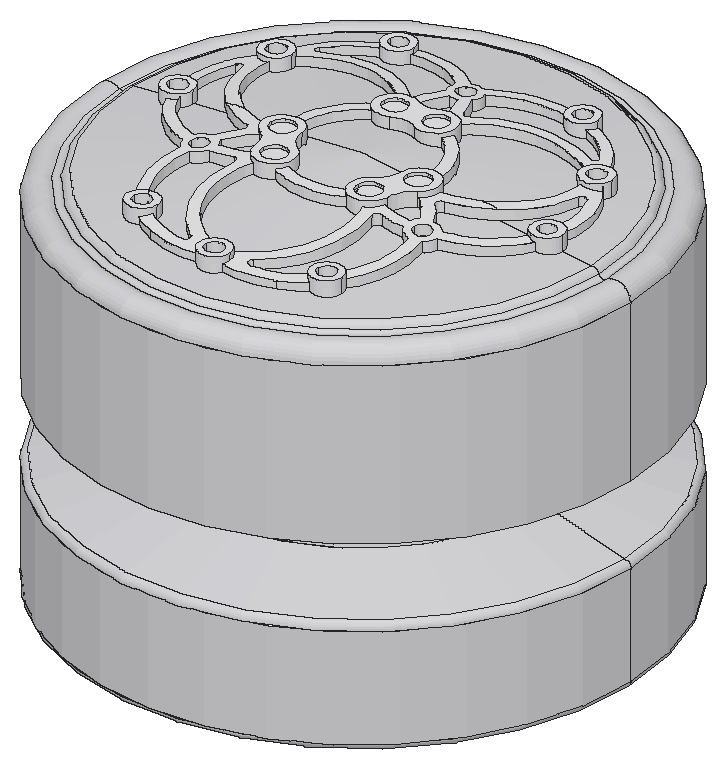
Revit family "Shower-Bodyspray-KOHLER-AWAKEN-K-97007T_1", category Plumbing Fixtures, host Face, Revit 2017
Family settings
  Host = Face
  Round Connector Dimension = Use Diameter
  Part Type = Normal
  OmniClass Number = 23.31.17.00
  Cut with Voids When Loaded = No
  Shared = No
  Room Calculation Point = No
Parameters (values of type "CP-Polished Chrome")
  Width = 1 31/32"  # constant formula
  WaterSense Certified = 1 = 0  # no
  Waste Water Outlet = "Waste Water Outlet"  # constant formula
  Waste Connection = 1 = 0  # no
  Vent Connection = 1 = 0  # no
  URL = "https://www.kohler.com.cn/"
  Type = 1
  Tempered Water Inlet = "Tempered Water Inlet"  # constant formula
  Product Page URL = ""
  Product Name = "AWAKEN"  # constant formula
  Product Documentation Link = ""
  Pressure = 0.00 psi
  Model = "K-97007T-CP"  # constant formula
  Material = "Premium Metal Construction"  # constant formula
  Master Format 2014 Name = "Residential Showers"  # constant formula
  Master Format 2014 = "22 42 23"  # constant formula
  Manufacturer Address = "Kohler Beijing Office (100016) 36-2-03-B, No. 88, Liuxiang Road, Beijing"  # constant formula
  Manufacturer = "KOHLER Co."  # constant formula
  Length = 1 31/32"  # constant formula
  Hot Water Inlet = "Hot Water Inlet"  # constant formula
  Height = 1 107/256"  # constant formula
  HW Connection = 1 = 1  # yes
  Flow Rate = 0 GPM
  Finish = Kohler-Metal-CP-Polished_Chrome
  Environmental Product Declaration = ""
  Drain Included = 1 = 0  # no
  Description = "Morning Rain Body Sprinkler"  # constant formula
  Default Elevation = 0"
  Declare Label = ""
  Date Modified = "10/14/2020"  # constant formula
  Date Created = "10/14/2020"  # constant formula
  Copyright = "Copyright KOHLER Co."  # constant formula
  Contact Us = "https://www.kohler.com.cn/contact/contact-us/"
  Cold Water Inlet = "Cold Water Inlet"  # constant formula
  CW Connection = 1 = 0  # no
  Assembly Code = "D2010700"
  ADA Compliant = 1 = 0  # no
Reference planes (in)
  plane 1 "Center (Front/Back)": y = 0
  plane 2: z = 0
  plane 3 "Center (Left/Right)": x = 0
  plane 4: y = 0.98425
  plane 5: x = -0.98425
  plane 6: x = 0.9845
  plane 7: y = -0.9845
  plane 8: z = 1.41797
  plane 9: z = 0.49293
  plane 10: z = 0.68129
Dimensions and locks (in)
  "Height": plane 8 to level
  "Length": plane 7 to plane 4
  "Width": plane 5 to plane 6
  aligned and locked: plane 2 to host face
  aligned and locked: level to host face
Automatic sketch dimensions
  host sketch curve to host sketch curve = 96"  (x2)
Nested families (in)
  nested 1: "K-97007T" at (0, 0, 0), type "K-97007T"
Connectors (in)
  piping at (0, 0, 0), diameter 0.5, driven by "Flow Rate", driven by "HW Connection", driven by "Tempered Water Inlet"
    settings: on nested 1, index 1, connector inside diameter 24", connector length 0", flow factor 0, pipe flow 0 GPM, pressure drop 0.00 psi, fitting loss kfactor 0, connector angle 0.00°, fixture units 0, engagement length 0", angle of deflection 0.00°, flow configuration 0, flow direction 1, fitting loss method 0, system type 19, joint type 0, gender type 0, connector reference index -1, connector utility 1, adjustable connector no, is connector primary yes, connector description "Tempered Water Inlet"
Definition of nested family "K-97007T"
  Parameters (values of type "K-97007T")
    Material = none
  Reference planes (in)
    plane 1 "Center (Front/Back)": y = 0
    plane 2: z = 0
    plane 3 "Center (Left/Right)": x = 0
    plane 4: y = 0.98425
    plane 5: x = 0.98425
    plane 6: y = -0.98425
    plane 7: x = -0.98425
    plane 8: z = 1.41732
    plane 9: z = -0.59055
    plane 10: through (0, 0.98873, 1.43743) normal (0, 0.9659, -0.2588)
    plane 11: through (0, -0.98873, 1.43743) normal (0, 0.9659, 0.2588)
  Forms (in)
    Revolve 1, solid, material <- "Material", detail levels medium+fine
      sketch origin (0, 0, -0.59055) x (1, 0, 0) y (0, 0, 1)
        loop
          line (0.00031, 0.59055) -> (0.00031, 2.00771)
          arc (0.00031, 2.00771) -> (-0.42233, 1.98906) -> (-0.8416, 1.93262) r 4.71733
          arc (-0.8416, 1.93262) -> (-0.85649, 1.92582) -> (-0.8663, 1.9127) r 0.03311
          arc (-0.8663, 1.9127) -> (-0.87822, 1.90207) -> (-0.89395, 1.90481) r 0.01835
          arc (-0.89395, 1.90481) -> (-0.95326, 1.9092) -> (-0.98425, 1.85845) r 0.05705
          line (-0.98425, 1.85845) -> (-0.98425, 1.27185) -> (-0.61142, 1.27185) -> (-0.61142, 1.08349) -> (-0.66932, 1.08349) -> (-0.96315, 1.01023)
          arc (-0.96315, 1.01023) -> (-0.97835, 1.00035) -> (-0.98425, 0.98321) r 0.02784
          line (-0.98425, 0.98321) -> (-0.98425, 0.61079)
          arc (-0.98425, 0.61079) -> (-0.97833, 0.59648) -> (-0.96402, 0.59055) r 0.02024
          line (-0.96402, 0.59055) -> (0.00031, 0.59055)
        axis (0.00031, 0.59055) -> (0.00031, 2.00771)
      angle from 0 to 360
    Extrusion 2, solid, detail levels medium+fine
      sketch origin (0, 0, 0) x (1, 0, 0) y (0, 1, 0)
        loop
          circle (0, -0.67985) r 0.05525
        loop
          circle (-0.33941, -0.58894) r 0.05512
        loop
          circle (-0.67884, 0) r 0.05512
        loop
          circle (0.33941, -0.58894) r 0.05512
        loop
          circle (0.67884, 0) r 0.05512
        loop
          circle (-0.33941, 0.58894) r 0.05512
        loop
          circle (0.33941, 0.58894) r 0.05512
        loop
          circle (-0.58865, 0.3397) r 0.05647
        loop
          circle (0.58865, 0.3397) r 0.05647
      from 1.16023 to 1.40407
    Extrusion 3, solid, detail levels medium+fine
      sketch origin (0, 0, 0) x (1, 0, 0) y (0, 1, 0)
        loop
          arc (-0.04555, 0.30561) -> (-0.14576, 0.24403) -> (-0.04577, 0.18211) r 0.0691
          arc (-0.04577, 0.18211) -> (0, 0.19291) -> (0.04577, 0.18211) r 0.10236
          arc (0.04577, 0.18211) -> (0.14576, 0.24403) -> (0.04555, 0.30561) r 0.0691
          arc (0.04555, 0.30561) -> (0, 0.29478) -> (-0.04555, 0.30561) r 0.10117
        loop
          arc (0.28901, -0.11229) -> (0.28578, 0.00528) -> (0.18216, -0.05035) r 0.0691
          arc (0.18216, -0.05035) -> (0.16863, -0.09538) -> (0.13639, -0.12962) r 0.10236
          arc (0.13639, -0.12962) -> (0.14003, -0.24718) -> (0.24346, -0.19118) r 0.0691
          arc (0.24346, -0.19118) -> (0.25685, -0.14632) -> (0.28901, -0.11229) r 0.10117
        loop
          arc (-0.28901, -0.11229) -> (-0.25685, -0.14632) -> (-0.24346, -0.19118) r 0.10117
          arc (-0.24346, -0.19118) -> (-0.14003, -0.24718) -> (-0.13639, -0.12962) r 0.0691
          arc (-0.13639, -0.12962) -> (-0.16863, -0.09538) -> (-0.18216, -0.05035) r 0.10236
          arc (-0.18216, -0.05035) -> (-0.28578, 0.00528) -> (-0.28901, -0.11229) r 0.0691
      from 1.16023 to 1.44001
    Extrusion 4, solid, detail levels medium+fine
      sketch origin (0, 0, 0) x (1, 0, 0) y (0, 1, 0)
        loop
          arc (-0.05609, 0.27259) -> (-0.04463, 0.34719) -> (-0.01555, 0.41683) r 0.31131
          arc (-0.01555, 0.41683) -> (0.00002, 0.41498) -> (0.01563, 0.41654) r 0.07207
          arc (0.01563, 0.41654) -> (0.0446, 0.347) -> (0.05601, 0.27253) r 0.31127
          arc (0.05601, 0.27253) -> (0.07641, 0.27908) -> (0.0968, 0.2725) r 0.03496
          arc (0.0968, 0.2725) -> (0.30947, 0.40678) -> (0.5528, 0.34314) r 0.31587
          arc (0.5528, 0.34314) -> (0.56646, 0.36807) -> (0.59394, 0.37533) r 0.03601
          arc (0.59394, 0.37533) -> (0.5262, 0.49504) -> (0.41633, 0.57781) r 0.33767
          arc (0.41633, 0.57781) -> (0.3954, 0.58789) -> (0.37384, 0.59654) r 0.34427
          arc (0.37384, 0.59654) -> (0.37167, 0.57472) -> (0.35702, 0.5584) r 0.03525
          arc (0.35702, 0.5584) -> (0.4489, 0.51281) -> (0.51991, 0.43879) r 0.2983
          arc (0.51991, 0.43879) -> (0.51905, 0.42325) -> (0.50387, 0.41982) r 0.01291
          arc (0.50387, 0.41982) -> (0.29727, 0.44645) -> (0.1111, 0.353) r 0.35625
          arc (0.1111, 0.353) -> (0.09414, 0.34868) -> (0.08164, 0.36093) r 0.01785
          arc (0.08164, 0.36093) -> (0.0667, 0.40238) -> (0.04668, 0.44162) r 0.35068
          arc (0.04668, 0.44162) -> (0.05695, 0.46945) -> (0.05168, 0.49864) r 0.05643
          arc (0.05168, 0.49864) -> (0.17324, 0.56358) -> (0.31097, 0.56811) r 0.30371
          arc (0.31097, 0.56811) -> (0.30421, 0.59067) -> (0.31315, 0.61246) r 0.03525
          arc (0.31315, 0.61246) -> (0.15822, 0.60283) -> (0.02327, 0.52611) r 0.34427
          arc (0.02327, 0.52611) -> (0.00012, 0.53081) -> (-0.02293, 0.52561) r 0.05643
          arc (-0.02293, 0.52561) -> (-0.1579, 0.60261) -> (-0.31299, 0.61241) r 0.34423
          arc (-0.31299, 0.61241) -> (-0.30427, 0.59274) -> (-0.30859, 0.57166) r 0.03535
          arc (-0.30859, 0.57166) -> (-0.1716, 0.56266) -> (-0.05063, 0.49773) r 0.32394
          arc (-0.05063, 0.49773) -> (-0.05549, 0.46964) -> (-0.046, 0.44276) r 0.05643
          arc (-0.046, 0.44276) -> (-0.0722, 0.38893) -> (-0.08886, 0.33142) r 0.35068
          arc (-0.08886, 0.33142) -> (-0.27974, 0.44217) -> (-0.49942, 0.42121) r 0.36124
          arc (-0.49942, 0.42121) -> (-0.5187, 0.42595) -> (-0.51942, 0.44578) r 0.01647
          arc (-0.51942, 0.44578) -> (-0.44995, 0.51665) -> (-0.36122, 0.56113) r 0.30148
          arc (-0.36122, 0.56113) -> (-0.37302, 0.57799) -> (-0.37342, 0.59856) r 0.03534
          arc (-0.37342, 0.59856) -> (-0.51286, 0.51455) -> (-0.59743, 0.37545) r 0.34085
          arc (-0.59743, 0.37545) -> (-0.56811, 0.37026) -> (-0.55222, 0.34508) r 0.03682
          arc (-0.55222, 0.34508) -> (-0.30793, 0.40737) -> (-0.09368, 0.27451) r 0.32189
          arc (-0.09368, 0.27451) -> (-0.0746, 0.27904) -> (-0.05609, 0.27259) r 0.03496
        loop
          arc (-0.26323, -0.0872) -> (-0.27886, -0.07411) -> (-0.28459, -0.05455) r 0.03512
          arc (-0.28459, -0.05455) -> (-0.50621, 0.06397) -> (-0.57449, 0.30584) r 0.32096
          arc (-0.57449, 0.30584) -> (-0.60334, 0.30621) -> (-0.62307, 0.32727) r 0.03682
          arc (-0.62307, 0.32727) -> (-0.69966, 0.18734) -> (-0.7037, 0.02787) r 0.3387
          arc (-0.7037, 0.02787) -> (-0.68531, 0.03681) -> (-0.66497, 0.03472) r 0.03736
          arc (-0.66497, 0.03472) -> (-0.67051, 0.12902) -> (-0.64639, 0.22036) r 0.29932
          arc (-0.64639, 0.22036) -> (-0.62828, 0.23041) -> (-0.61368, 0.21572) r 0.01716
          arc (-0.61368, 0.21572) -> (-0.53092, 0.0304) -> (-0.36126, -0.08102) r 0.3611
          arc (-0.36126, -0.08102) -> (-0.34935, -0.09342) -> (-0.35366, -0.11007) r 0.01764
          arc (-0.35366, -0.11007) -> (-0.38264, -0.14459) -> (-0.40696, -0.18254) r 0.35078
          arc (-0.40696, -0.18254) -> (-0.43408, -0.18816) -> (-0.45495, -0.20637) r 0.05462
          arc (-0.45495, -0.20637) -> (-0.57344, -0.13738) -> (-0.64975, -0.02347) r 0.3051
          arc (-0.64975, -0.02347) -> (-0.66648, -0.03527) -> (-0.68692, -0.03649) r 0.03738
          arc (-0.68692, -0.03649) -> (-0.59972, -0.16671) -> (-0.46386, -0.24481) r 0.34447
          arc (-0.46386, -0.24481) -> (-0.457, -0.26455) -> (-0.44323, -0.28026) r 0.05462
          arc (-0.44323, -0.28026) -> (-0.44397, -0.43863) -> (-0.3743, -0.58084) r 0.34716
          arc (-0.3743, -0.58084) -> (-0.36405, -0.56295) -> (-0.34563, -0.55368) r 0.03581
          arc (-0.34563, -0.55368) -> (-0.40567, -0.42948) -> (-0.40543, -0.29152) r 0.30779
          arc (-0.40543, -0.29152) -> (-0.37827, -0.28169) -> (-0.35993, -0.25937) r 0.05462
          arc (-0.35993, -0.25937) -> (-0.31597, -0.25968) -> (-0.2725, -0.25312) r 0.28059
          arc (-0.2725, -0.25312) -> (-0.25668, -0.25774) -> (-0.25242, -0.27367) r 0.01681
          arc (-0.25242, -0.27367) -> (-0.24152, -0.48151) -> (-0.11396, -0.64597) r 0.34801
          arc (-0.11396, -0.64597) -> (-0.10885, -0.66198) -> (-0.12299, -0.67107) r 0.01381
          arc (-0.12299, -0.67107) -> (-0.17091, -0.66322) -> (-0.217, -0.64795) r 0.30856
          arc (-0.217, -0.64795) -> (-0.26281, -0.62563) -> (-0.30432, -0.59606) r 0.30779
          arc (-0.30432, -0.59606) -> (-0.31406, -0.61423) -> (-0.33221, -0.62402) r 0.03581
          arc (-0.33221, -0.62402) -> (-0.28455, -0.6585) -> (-0.23177, -0.68445) r 0.34716
          arc (-0.23177, -0.68445) -> (-0.13121, -0.70985) -> (-0.02763, -0.70449) r 0.34793
          arc (-0.02763, -0.70449) -> (-0.03681, -0.6759) -> (-0.02179, -0.64991) r 0.03702
          arc (-0.02179, -0.64991) -> (-0.2019, -0.47485) -> (-0.19223, -0.22387) r 0.30864
          arc (-0.19223, -0.22387) -> (-0.20827, -0.20921) -> (-0.21441, -0.18837) r 0.04046
          arc (-0.21441, -0.18837) -> (-0.28074, -0.21482) -> (-0.3519, -0.2207) r 0.2413
          arc (-0.3519, -0.2207) -> (-0.35903, -0.20669) -> (-0.36805, -0.19381) r 0.11237
          arc (-0.36805, -0.19381) -> (-0.32213, -0.13412) -> (-0.26323, -0.0872) r 0.31142
        loop
          arc (0.26245, -0.08688) -> (0.32208, -0.13426) -> (0.36843, -0.1947) r 0.31136
          arc (0.36843, -0.1947) -> (0.35897, -0.20767) -> (0.35143, -0.22183) r 0.11422
          arc (0.35143, -0.22183) -> (0.27922, -0.21556) -> (0.21202, -0.18839) r 0.2445
          arc (0.21202, -0.18839) -> (0.2056, -0.20732) -> (0.19049, -0.22039) r 0.03807
          arc (0.19049, -0.22039) -> (0.20262, -0.47304) -> (0.02179, -0.64991) r 0.30864
          arc (0.02179, -0.64991) -> (0.03681, -0.6759) -> (0.02763, -0.70449) r 0.03702
          arc (0.02763, -0.70449) -> (0.13121, -0.70985) -> (0.23177, -0.68445) r 0.34793
          arc (0.23177, -0.68445) -> (0.28457, -0.65849) -> (0.33224, -0.62399) r 0.34716
          arc (0.33224, -0.62399) -> (0.31409, -0.61421) -> (0.30435, -0.59604) r 0.03578
          arc (0.30435, -0.59604) -> (0.26283, -0.62562) -> (0.217, -0.64795) r 0.30779
          arc (0.217, -0.64795) -> (0.17091, -0.66322) -> (0.12299, -0.67107) r 0.30856
          arc (0.12299, -0.67107) -> (0.10885, -0.66198) -> (0.11396, -0.64597) r 0.01381
          arc (0.11396, -0.64597) -> (0.24152, -0.48151) -> (0.25242, -0.27367) r 0.34801
          arc (0.25242, -0.27367) -> (0.25668, -0.25774) -> (0.2725, -0.25312) r 0.01681
          arc (0.2725, -0.25312) -> (0.31537, -0.25964) -> (0.35872, -0.25947) r 0.28059
          arc (0.35872, -0.25947) -> (0.37753, -0.28331) -> (0.40598, -0.29392) r 0.0563
          arc (0.40598, -0.29392) -> (0.40539, -0.43069) -> (0.34561, -0.55371) r 0.30779
          arc (0.34561, -0.55371) -> (0.36403, -0.56298) -> (0.37427, -0.58087) r 0.03578
          arc (0.37427, -0.58087) -> (0.44362, -0.44014) -> (0.44393, -0.28326) r 0.34716
          arc (0.44393, -0.28326) -> (0.45959, -0.26572) -> (0.46672, -0.24332) r 0.0563
          arc (0.46672, -0.24332) -> (0.60156, -0.16433) -> (0.68759, -0.03386) r 0.3443
          arc (0.68759, -0.03386) -> (0.66701, -0.03292) -> (0.65054, -0.02055) r 0.03498
          arc (0.65054, -0.02055) -> (0.57493, -0.13532) -> (0.4566, -0.20523) r 0.30493
          arc (0.4566, -0.20523) -> (0.43465, -0.18687) -> (0.40651, -0.18167) r 0.0563
          arc (0.40651, -0.18167) -> (0.38279, -0.14473) -> (0.35465, -0.11104) r 0.35081
          arc (0.35465, -0.11104) -> (0.35015, -0.09353) -> (0.36264, -0.08046) r 0.01861
          arc (0.36264, -0.08046) -> (0.53436, 0.03468) -> (0.61476, 0.22516) r 0.36109
          arc (0.61476, 0.22516) -> (0.6266, 0.23776) -> (0.64199, 0.22987) r 0.01438
          arc (0.64199, 0.22987) -> (0.67013, 0.13276) -> (0.66433, 0.03183) r 0.29932
          arc (0.66433, 0.03183) -> (0.68417, 0.03457) -> (0.70226, 0.02598) r 0.03498
          arc (0.70226, 0.02598) -> (0.699, 0.18621) -> (0.62232, 0.32693) r 0.33804
          arc (0.62232, 0.32693) -> (0.60294, 0.30665) -> (0.5749, 0.30642) r 0.03601
          arc (0.5749, 0.30642) -> (0.50697, 0.06319) -> (0.28438, -0.0561) r 0.32178
          arc (0.28438, -0.0561) -> (0.27793, -0.07471) -> (0.26245, -0.08688) r 0.03502
        loop
          arc (-0.15874, -0.22528) -> (0.00236, -0.27558) -> (0.16258, -0.22253) r 0.27559
          arc (0.16258, -0.22253) -> (0.14525, -0.21098) -> (0.13691, -0.1919) r 0.03698
          arc (0.13691, -0.1919) -> (0.00175, -0.23531) -> (-0.13383, -0.1932) r 0.23565
          arc (-0.13383, -0.1932) -> (-0.14197, -0.21259) -> (-0.15874, -0.22528) r 0.04048
        loop
          arc (0.23515, -0.02239) -> (0.25567, -0.01993) -> (0.27401, -0.02946) r 0.03502
          arc (0.27401, -0.02946) -> (0.23835, 0.13835) -> (0.11032, 0.25254) r 0.27559
          arc (0.11032, 0.25254) -> (0.10916, 0.23191) -> (0.09656, 0.21554) r 0.03497
          arc (0.09656, 0.21554) -> (0.20411, 0.11885) -> (0.23515, -0.02239) r 0.23624
        loop
          arc (-0.09657, 0.21558) -> (-0.10913, 0.23188) -> (-0.11034, 0.25243) r 0.03496
          arc (-0.11034, 0.25243) -> (-0.23831, 0.13818) -> (-0.27389, -0.02964) r 0.27555
          arc (-0.27389, -0.02964) -> (-0.25555, -0.02029) -> (-0.23511, -0.02283) r 0.03511
          arc (-0.23511, -0.02283) -> (-0.20424, 0.11869) -> (-0.09657, 0.21558) r 0.23622
      from 1.17551 to 1.61417
    Revolve 5, void
      sketch origin (0, 0, -0.59906) x (1, 0, 0) y (0, 0, 1)
        loop
          arc (-0.93198, 1.94029) -> (-0.46829, 2.00957) -> (0, 2.03248) r 4.7175
          line (0, 2.03248) -> (0, 2.26082) -> (-0.93198, 2.26082) -> (-0.93198, 1.94029)
        axis (0, 1.94029) -> (0, 2.26082)
      angle from 0 to 360
    Extrusion 6, void
      sketch origin (0, 0, 0) x (1, 0, 0) y (0, 1, 0)
        loop
          circle (-0.33941, 0.58894) r 0.03141
        loop
          circle (-0.58865, 0.3397) r 0.03287
        loop
          circle (-0.67884, 0) r 0.03344
        loop
          circle (-0.33941, -0.58894) r 0.03187
        loop
          circle (0, -0.67985) r 0.03309
        loop
          circle (0.33941, -0.58894) r 0.03184
        loop
          circle (0.67884, 0) r 0.03104
        loop
          circle (0.58865, 0.3397) r 0.03207
        loop
          circle (0.33941, 0.58894) r 0.03131
      from 1.22917 to 1.64875
    Extrusion 7, void
      sketch origin (0, 0, 0) x (1, 0, 0) y (0, 1, 0)
        loop
          circle (0.07638, 0.24412) r 0.04186
        loop
          circle (-0.07638, 0.24412) r 0.04186
        loop
          circle (-0.17342, -0.18731) r 0.04331
        loop
          circle (-0.2494, -0.05438) r 0.04331
        loop
          circle (0.17342, -0.18731) r 0.04331
        loop
          circle (0.2494, -0.05438) r 0.04331
      from 1.43091 to 1.74555
    Extrusion 8, void
      sketch origin (0, 0, 0) x (1, 0, 0) y (0, 1, 0)
        loop
          circle (0.00073, 0.47438) r 0.03195
        loop
          circle (-0.40979, -0.23708) r 0.03114
        loop
          circle (0.41069, -0.23782) r 0.03107
      from 1.265 to 2.02676
    Extrusion 9, solid, material <- "Material", detail levels medium+fine
      sketch origin (0, 0, 0) x (1, 0, 0) y (0, 1, 0)
        loop
          circle (0, 0) r 0.11264
      from 0 to 0.02954
    Revolve 10, solid, material <- "Material", detail levels coarse
      sketch origin (0, 0, 0) x (1, 0, 0) y (0, 0, 1)
        loop
          line (0, 0) -> (0, 1.41732) -> (-0.98425, 1.41732) -> (-0.98425, 0.68129) -> (-0.61208, 0.68129) -> (-0.61208, 0.49273) -> (-0.98425, 0.49273) -> (-0.98425, 0) -> (0, 0)
        axis (0, 0) -> (0, 1.41732)
      angle from 0 to 360
  Cuts and joins
    Revolve 5, Extrusion 8 cuts Extrusion 4
    Extrusion 6 cuts Extrusion 2
    Extrusion 7 cuts Extrusion 3
  Lines and regions (in)
    Masking region 1
      outline origin (0, 0, 0) x (1, 0, 0) y (0, 1, 0)
        loop
          circle (0, 0) r 0.98425
    Masking region 2
      outline origin (0, 0, 0) x (1, 0, 0) y (0, 0, 1)
        loop
          line (-0.21673, 1.44001) -> (-0.32023, 1.44001) -> (-0.32023, 1.40917) -> (-0.53223, 1.39434) -> (-0.72908, 1.39434) -> (-0.72908, 1.36093) -> (-0.93046, 1.32904)
          arc (-0.93046, 1.32904) -> (-0.96639, 1.31053) -> (-0.98425, 1.27427) r 0.06451
          line (-0.98425, 1.27427) -> (-0.98425, 0.68129) -> (-0.61142, 0.68129) -> (-0.61142, 0.49293) -> (-0.66932, 0.49293) -> (-0.95545, 0.42159)
          arc (-0.95545, 0.42159) -> (-0.97312, 0.41217) -> (-0.98425, 0.39552) r 0.04117
          line (-0.98425, 0.39552) -> (-0.98425, 0) -> (0.98425, 0) -> (0.98425, 0.39552)
          arc (0.98425, 0.39552) -> (0.97312, 0.41217) -> (0.95545, 0.42159) r 0.04117
          line (0.95545, 0.42159) -> (0.66932, 0.49293) -> (0.61142, 0.49293) -> (0.61142, 0.68129) -> (0.98425, 0.68129) -> (0.98425, 1.27427)
          arc (0.98425, 1.27427) -> (0.96639, 1.31053) -> (0.93046, 1.32904) r 0.06451
          line (0.93046, 1.32904) -> (0.72908, 1.36093) -> (0.72908, 1.39434) -> (0.53223, 1.39434) -> (0.32023, 1.40917) -> (0.32023, 1.44001) -> (0.06042, 1.44001) -> (0.06042, 1.40855) -> (-0.21673, 1.40855) -> (-0.21673, 1.44001)
    Masking region 3
      outline origin (0, 0, 0) x (0, 1, 0) y (0, 0, 1)
        loop
          line (0.21673, 1.43999) -> (0.21673, 1.40853) -> (-0.06042, 1.40853) -> (-0.06042, 1.43999) -> (-0.32023, 1.43999) -> (-0.32023, 1.40915) -> (-0.53223, 1.39433) -> (-0.72908, 1.39433) -> (-0.72908, 1.36091) -> (-0.93046, 1.32902)
          arc (-0.93046, 1.32902) -> (-0.96639, 1.31051) -> (-0.98425, 1.27425) r 0.06451
          line (-0.98425, 1.27425) -> (-0.98425, 0.68128) -> (-0.61142, 0.68128) -> (-0.61142, 0.49292) -> (-0.66932, 0.49292) -> (-0.95545, 0.42158)
          arc (-0.95545, 0.42158) -> (-0.97312, 0.41215) -> (-0.98425, 0.3955) r 0.04117
          line (-0.98425, 0.3955) -> (-0.98425, -0.00002) -> (0.98425, -0.00002) -> (0.98425, 0.3955)
          arc (0.98425, 0.3955) -> (0.97312, 0.41215) -> (0.95545, 0.42158) r 0.04117
          line (0.95545, 0.42158) -> (0.66932, 0.49292) -> (0.61142, 0.49292) -> (0.61142, 0.68128) -> (0.98425, 0.68128) -> (0.98425, 1.27425)
          arc (0.98425, 1.27425) -> (0.96639, 1.31051) -> (0.93046, 1.32902) r 0.06451
          line (0.93046, 1.32902) -> (0.72908, 1.36091) -> (0.72908, 1.39433) -> (0.53223, 1.39433) -> (0.32023, 1.40915) -> (0.32023, 1.43999) -> (0.21673, 1.43999)
    symbolic lines, detail levels medium+fine
      curve 1: arc (-0.39448, 0.59126, 0) -> (-0.51298, 0.51443, 0) -> (-0.59017, 0.39616, 0) r 0.34085
      curve 2: arc (-0.02293, 0.52561, 0) -> (-0.14734, 0.59927, 0) -> (-0.29103, 0.61534, 0) r 0.34423
      curve 3: arc (-0.2843, 0.58894, 0) -> (-0.33941, 0.64406, 0) -> (-0.39453, 0.58894, 0) r 0.05512
      curve 4: arc (-0.39453, 0.58894, 0) -> (-0.33941, 0.53382, 0) -> (-0.2843, 0.58894, 0) r 0.05512
      curve 5: arc (-0.53217, 0.3397, 0) -> (-0.58865, 0.39618, 0) -> (-0.64512, 0.3397, 0) r 0.05647
      curve 6: arc (-0.64512, 0.3397, 0) -> (-0.58865, 0.28323, 0) -> (-0.53217, 0.3397, 0) r 0.05647
      curve 7: arc (-0.63715, 0.31077, 0) -> (-0.69992, 0.18636, 0) -> (-0.70729, 0.04721, 0) r 0.3387
      curve 8: arc (-0.32004, -0.04939, 0) -> (-0.51068, 0.06965, 0) -> (-0.57649, 0.28455, 0) r 0.32096
      curve 9: arc (-0.61368, 0.21572, 0) -> (-0.53092, 0.0304, 0) -> (-0.36126, -0.08102, 0) r 0.3611
      curve 10: arc (-0.64639, 0.22036, 0) -> (-0.62828, 0.23041, 0) -> (-0.61368, 0.21572, 0) r 0.01716
      curve 11: arc (-0.66859, 0.05416, 0) -> (-0.66936, 0.13885, 0) -> (-0.64639, 0.22036, 0) r 0.29932
      curve 12: arc (-0.62372, 0, 0) -> (-0.67884, 0.05512, 0) -> (-0.73396, 0, 0) r 0.05512
      curve 13: arc (-0.73396, 0, 0) -> (-0.67884, -0.05512, 0) -> (-0.62372, 0, 0) r 0.05512
      curve 14: arc (-0.36126, -0.08102, 0) -> (-0.34935, -0.09342, 0) -> (-0.35366, -0.11007, 0) r 0.01764
      curve 15: arc (-0.35366, -0.11007, 0) -> (-0.38264, -0.14459, 0) -> (-0.40696, -0.18254, 0) r 0.35078
      curve 16: arc (-0.40696, -0.18254, 0) -> (-0.43408, -0.18816, 0) -> (-0.45495, -0.20637, 0) r 0.05462
      curve 17: arc (-0.45495, -0.20637, 0) -> (-0.5663, -0.14387, 0) -> (-0.64232, -0.04128, 0) r 0.3051
      curve 18: arc (-0.67927, -0.05512, 0) -> (-0.59226, -0.17347, 0) -> (-0.46386, -0.24481, 0) r 0.34447
      curve 19: arc (-0.46386, -0.24481, 0) -> (-0.457, -0.26455, 0) -> (-0.44323, -0.28026, 0) r 0.05462
      curve 20: arc (-0.44323, -0.28026, 0) -> (-0.44631, -0.42759, 0) -> (-0.388, -0.56292, 0) r 0.34716
      curve 21: arc (-0.35806, -0.53708, 0) -> (-0.40781, -0.41933, 0) -> (-0.40543, -0.29152, 0) r 0.30779
      curve 22: arc (-0.40543, -0.29152, 0) -> (-0.37827, -0.28169, 0) -> (-0.35993, -0.25937, 0) r 0.05462
      curve 23: arc (-0.24195, -0.20216, 0) -> (-0.29584, -0.21787, 0) -> (-0.3519, -0.2207, 0) r 0.2413
      curve 24: arc (-0.3519, -0.2207, 0) -> (-0.35903, -0.20669, 0) -> (-0.36805, -0.19381, 0) r 0.11237
      curve 25: arc (-0.36805, -0.19381, 0) -> (-0.33488, -0.14789, 0) -> (-0.29394, -0.10874, 0) r 0.31142
      curve 26: arc (-0.13639, -0.12962, 0) -> (-0.16863, -0.09538, 0) -> (-0.18216, -0.05035, 0) r 0.10236
      curve 27: arc (-0.18216, -0.05035, 0) -> (-0.28578, 0.00528, 0) -> (-0.28901, -0.11229, 0) r 0.0691
      curve 28: arc (-0.28901, -0.11229, 0) -> (-0.25685, -0.14632, 0) -> (-0.24346, -0.19118, 0) r 0.10117
      curve 29: arc (-0.24346, -0.19118, 0) -> (-0.14003, -0.24718, 0) -> (-0.13639, -0.12962, 0) r 0.0691
      curve 30: arc (-0.04054, -0.64231, 0) -> (-0.20035, -0.47865, 0) -> (-0.20361, -0.24993, 0) r 0.30864
      curve 31: arc (-0.25242, -0.27367, 0) -> (-0.24152, -0.48151, 0) -> (-0.11396, -0.64597, 0) r 0.34801
      curve 32: arc (-0.2725, -0.25312, 0) -> (-0.25668, -0.25774, 0) -> (-0.25242, -0.27367, 0) r 0.01681
      curve 33: arc (-0.35993, -0.25937, 0) -> (-0.31597, -0.25968, 0) -> (-0.2725, -0.25312, 0) r 0.28059
      curve 34: arc (-0.2843, -0.58894, 0) -> (-0.33941, -0.53382, 0) -> (-0.39453, -0.58894, 0) r 0.05512
      curve 35: arc (-0.39453, -0.58894, 0) -> (-0.33941, -0.64406, 0) -> (-0.2843, -0.58894, 0) r 0.05512
      curve 36: arc (-0.31465, -0.63818, 0) -> (-0.27479, -0.66416, 0) -> (-0.23177, -0.68445, 0) r 0.34716
      curve 37: arc (-0.23177, -0.68445, 0) -> (-0.14126, -0.70872, 0) -> (-0.04756, -0.70795, 0) r 0.34793
      curve 38: arc (-0.12299, -0.67107, 0) -> (-0.17091, -0.66322, 0) -> (-0.217, -0.64795, 0) r 0.30856
      curve 39: arc (-0.217, -0.64795, 0) -> (-0.25381, -0.63078, 0) -> (-0.28804, -0.60891, 0) r 0.30779
      curve 40: arc (-0.11396, -0.64597, 0) -> (-0.10885, -0.66198, 0) -> (-0.12299, -0.67107, 0) r 0.01381
      curve 41: arc (0.20361, -0.24993, 0) -> (0.20035, -0.47865, 0) -> (0.04054, -0.64231, 0) r 0.30864
      curve 42: arc (0.04756, -0.70795, 0) -> (0.14126, -0.70872, 0) -> (0.23177, -0.68445, 0) r 0.34793
      curve 43: arc (0.23177, -0.68445, 0) -> (0.27479, -0.66416, 0) -> (0.31465, -0.63818, 0) r 0.34716
      curve 44: arc (0.217, -0.64795, 0) -> (0.17091, -0.66322, 0) -> (0.12299, -0.67107, 0) r 0.30856
      curve 45: arc (0.28804, -0.60891, 0) -> (0.25381, -0.63078, 0) -> (0.217, -0.64795, 0) r 0.30779
      curve 46: arc (0.12299, -0.67107, 0) -> (0.10885, -0.66198, 0) -> (0.11396, -0.64597, 0) r 0.01381
      curve 47: arc (0.11396, -0.64597, 0) -> (0.24152, -0.48151, 0) -> (0.25242, -0.27367, 0) r 0.34801
      curve 48: arc (0.39453, -0.58894, 0) -> (0.33941, -0.53382, 0) -> (0.2843, -0.58894, 0) r 0.05512
      curve 49: arc (0.2843, -0.58894, 0) -> (0.33941, -0.64406, 0) -> (0.39453, -0.58894, 0) r 0.05512
      curve 50: arc (0.388, -0.56292, 0) -> (0.44601, -0.4291, 0) -> (0.44393, -0.28326, 0) r 0.34716
      curve 51: arc (0.40598, -0.29392, 0) -> (0.40758, -0.42053, 0) -> (0.35806, -0.53707, 0) r 0.30779
      curve 52: arc (0.25242, -0.27367, 0) -> (0.25668, -0.25774, 0) -> (0.2725, -0.25312, 0) r 0.01681
      curve 53: arc (0.2725, -0.25312, 0) -> (0.31537, -0.25964, 0) -> (0.35872, -0.25947, 0) r 0.28059
      curve 54: arc (0.13639, -0.12962, 0) -> (0.14003, -0.24718, 0) -> (0.24346, -0.19118, 0) r 0.0691
      curve 55: arc (0.24346, -0.19118, 0) -> (0.25685, -0.14632, 0) -> (0.28901, -0.11229, 0) r 0.10117
      curve 56: arc (0.28901, -0.11229, 0) -> (0.28578, 0.00528, 0) -> (0.18216, -0.05035, 0) r 0.0691
      curve 57: arc (0.18216, -0.05035, 0) -> (0.16863, -0.09538, 0) -> (0.13639, -0.12962, 0) r 0.10236
      curve 58: arc (0.29383, -0.10883, 0) -> (0.33508, -0.14833, 0) -> (0.36843, -0.1947, 0) r 0.31136
      curve 59: arc (0.36843, -0.1947, 0) -> (0.35897, -0.20767, 0) -> (0.35143, -0.22183, 0) r 0.11422
      curve 60: arc (0.35143, -0.22183, 0) -> (0.29549, -0.21888, 0) -> (0.24169, -0.20328, 0) r 0.2445
      curve 61: arc (0.35872, -0.25947, 0) -> (0.37753, -0.28331, 0) -> (0.40598, -0.29392, 0) r 0.0563
      curve 62: arc (0.44393, -0.28326, 0) -> (0.45959, -0.26572, 0) -> (0.46672, -0.24332, 0) r 0.0563
      curve 63: arc (0.46672, -0.24332, 0) -> (0.5931, -0.17208, 0) -> (0.67892, -0.05512, 0) r 0.3443
      curve 64: arc (0.64207, -0.04106, 0) -> (0.56675, -0.14283, 0) -> (0.4566, -0.20523, 0) r 0.30493
      curve 65: arc (0.4566, -0.20523, 0) -> (0.43465, -0.18687, 0) -> (0.40651, -0.18167, 0) r 0.0563
      curve 66: arc (0.40651, -0.18167, 0) -> (0.38279, -0.14473, 0) -> (0.35465, -0.11104, 0) r 0.35081
      curve 67: arc (0.35465, -0.11104, 0) -> (0.35015, -0.09353, 0) -> (0.36264, -0.08046, 0) r 0.01861
      curve 68: arc (0.36264, -0.08046, 0) -> (0.53436, 0.03468, 0) -> (0.61476, 0.22516, 0) r 0.36109
      curve 69: arc (0.57703, 0.28444, 0) -> (0.51131, 0.06872, 0) -> (0.32013, -0.05088, 0) r 0.32178
      curve 70: arc (0.73396, 0, 0) -> (0.67884, 0.05512, 0) -> (0.62372, 0, 0) r 0.05512
      curve 71: arc (0.62372, 0, 0) -> (0.67884, -0.05512, 0) -> (0.73396, 0, 0) r 0.05512
      curve 72: arc (0.64199, 0.22987, 0) -> (0.66864, 0.14403, 0) -> (0.6686, 0.05416, 0) r 0.29932
      curve 73: arc (0.70636, 0.04776, 0) -> (0.699, 0.18619, 0) -> (0.6367, 0.31004, 0) r 0.33804
      curve 74: arc (0.64532, 0.33991, 0) -> (0.58864, 0.39658, 0) -> (0.53196, 0.33991, 0) r 0.05668
      curve 75: arc (0.53196, 0.33991, 0) -> (0.58864, 0.28323, 0) -> (0.64532, 0.33991, 0) r 0.05668
      curve 76: arc (0.58738, 0.39657, 0) -> (0.51108, 0.51277, 0) -> (0.39451, 0.58849, 0) r 0.33841
      curve 77: arc (0.37955, 0.55075, 0) -> (0.45835, 0.50558, 0) -> (0.51991, 0.43879, 0) r 0.2983
      curve 78: arc (0.51991, 0.43879, 0) -> (0.51905, 0.42325, 0) -> (0.50387, 0.41982, 0) r 0.01291
      curve 79: arc (0.50387, 0.41982, 0) -> (0.2984, 0.44664, 0) -> (0.11276, 0.35457, 0) r 0.35625
      curve 80: arc (0.11752, 0.29963, 0) -> (0.31528, 0.40762, 0) -> (0.53468, 0.35635, 0) r 0.31587
      curve 81: arc (0.39451, 0.58849, 0) -> (0.33943, 0.64357, 0) -> (0.28435, 0.58849, 0) r 0.05508
      curve 82: arc (0.28435, 0.58849, 0) -> (0.33943, 0.53341, 0) -> (0.39451, 0.58849, 0) r 0.05508
      curve 83: arc (0.05167, 0.49863, 0) -> (0.16153, 0.56017, 0) -> (0.28692, 0.57186, 0) r 0.30368
      curve 84: arc (0.29107, 0.61541, 0) -> (0.1476, 0.59947, 0) -> (0.02327, 0.52611, 0) r 0.34427
      curve 85: arc (0.04555, 0.30561, 0) -> (0, 0.29478, 0) -> (-0.04555, 0.30561, 0) r 0.10117
      curve 86: arc (0.04577, 0.18211, 0) -> (0.14576, 0.24403, 0) -> (0.04555, 0.30561, 0) r 0.0691
      curve 87: arc (-0.04555, 0.30561, 0) -> (-0.14576, 0.24403, 0) -> (-0.04577, 0.18211, 0) r 0.0691
      curve 88: arc (-0.05285, 0.30878, 0) -> (-0.0392, 0.36453, 0) -> (-0.01555, 0.41683, 0) r 0.31131
      curve 89: arc (-0.01555, 0.41683, 0) -> (0.00002, 0.41498, 0) -> (0.01563, 0.41654, 0) r 0.07207
      curve 90: arc (0.01563, 0.41654, 0) -> (0.03918, 0.36436, 0) -> (0.05277, 0.30875, 0) r 0.31127
      curve 91: arc (0.08098, 0.36312, 0) -> (0.06623, 0.40342, 0) -> (0.04667, 0.44162, 0) r 0.35067
      curve 92: arc (0.04667, 0.44162, 0) -> (0.05693, 0.46944, 0) -> (0.05167, 0.49863, 0) r 0.05642
      curve 93: arc (-0.1137, 0.35637, 0) -> (-0.29703, 0.44551, 0) -> (-0.49942, 0.42121, 0) r 0.36124
      curve 94: arc (-0.535, 0.35735, 0) -> (-0.31445, 0.40831, 0) -> (-0.11489, 0.30147, 0) r 0.32189
      curve 95: arc (-0.28631, 0.57419, 0) -> (-0.16087, 0.55938, 0) -> (-0.05063, 0.49773, 0) r 0.32394
      curve 96: arc (0.02327, 0.52611, 0) -> (0.00012, 0.53081, 0) -> (-0.02293, 0.52561, 0) r 0.05643
      curve 97: arc (-0.51942, 0.44578, 0) -> (-0.4587, 0.51003, 0) -> (-0.38195, 0.55389, 0) r 0.30148
      curve 98: arc (-0.05063, 0.49773, 0) -> (-0.05549, 0.46964, 0) -> (-0.046, 0.44276, 0) r 0.05643
      curve 99: arc (-0.04577, 0.18211, 0) -> (0, 0.19291, 0) -> (0.04577, 0.18211, 0) r 0.10236
      curve 100: arc (-0.49942, 0.42121, 0) -> (-0.5187, 0.42595, 0) -> (-0.51942, 0.44578, 0) r 0.01647
      curve 101: arc (-0.05525, -0.67985, 0) -> (0, -0.73509, 0) -> (0.05525, -0.67985, 0) r 0.05525
      curve 102: arc (0.05525, -0.67985, 0) -> (0, -0.6246, 0) -> (-0.05525, -0.67985, 0) r 0.05525
      curve 103: arc (-0.03452, 0.24412, 0) -> (-0.07638, 0.28598, 0) -> (-0.11824, 0.24412, 0) r 0.04186
      curve 104: arc (-0.11824, 0.24412, 0) -> (-0.07638, 0.20226, 0) -> (-0.03452, 0.24412, 0) r 0.04186
      curve 105: arc (0.11824, 0.24412, 0) -> (0.07638, 0.28598, 0) -> (0.03452, 0.24412, 0) r 0.04186
      curve 106: arc (0.03452, 0.24412, 0) -> (0.07638, 0.20226, 0) -> (0.11824, 0.24412, 0) r 0.04186
      curve 107: arc (-0.2061, -0.05438, 0) -> (-0.2494, -0.01108, 0) -> (-0.29271, -0.05438, 0) r 0.04331
      curve 108: arc (-0.29271, -0.05438, 0) -> (-0.2494, -0.09769, 0) -> (-0.2061, -0.05438, 0) r 0.04331
      curve 109: arc (-0.21673, -0.18731, 0) -> (-0.17342, -0.23062, 0) -> (-0.13011, -0.18731, 0) r 0.04331
      curve 110: arc (-0.13011, -0.18731, 0) -> (-0.17342, -0.144, 0) -> (-0.21673, -0.18731, 0) r 0.04331
      curve 111: arc (0.29271, -0.05438, 0) -> (0.2494, -0.01108, 0) -> (0.2061, -0.05438, 0) r 0.04331
      curve 112: arc (0.2061, -0.05438, 0) -> (0.2494, -0.09769, 0) -> (0.29271, -0.05438, 0) r 0.04331
      curve 113: arc (0.13011, -0.18731, 0) -> (0.17342, -0.23062, 0) -> (0.21673, -0.18731, 0) r 0.04331
      curve 114: arc (0.21673, -0.18731, 0) -> (0.17342, -0.144, 0) -> (0.13011, -0.18731, 0) r 0.04331
      curve 115: arc (-0.14507, 0.2342, 0) -> (-0.23814, 0.13848, 0) -> (-0.27529, 0.01024, 0) r 0.27555
      curve 116: arc (-0.23587, 0.01289, 0) -> (-0.20439, 0.11843, 0) -> (-0.12849, 0.19822, 0) r 0.23622
      curve 117: arc (0.10887, -0.20898, 0) -> (0.00002, -0.23532, 0) -> (-0.10869, -0.20844, 0) r 0.23565
      curve 118: arc (-0.13211, -0.24186, 0) -> (0, -0.27559, 0) -> (0.13211, -0.24187, 0) r 0.27559
      curve 119: arc (0.2754, 0.0102, 0) -> (0.23824, 0.13853, 0) -> (0.14509, 0.2343, 0) r 0.27559
      curve 120: arc (0.12846, 0.19819, 0) -> (0.20436, 0.11841, 0) -> (0.23586, 0.01289, 0) r 0.23624
      curve 121: arc (-0.046, 0.44276, 0) -> (-0.06547, 0.40518, 0) -> (-0.08027, 0.36553, 0) r 0.35068
      curve 122: arc (0.61476, 0.22516, 0) -> (0.6266, 0.23776, 0) -> (0.64199, 0.22987, 0) r 0.01438
      curve 123: arc (-0.08027, 0.36553, 0) -> (-0.09446, 0.35175, 0) -> (-0.1137, 0.35637, 0) r 0.02052
      curve 124: arc (0.11276, 0.35457, 0) -> (0.09448, 0.34998, 0) -> (0.08098, 0.36312, 0) r 0.01933
      curve 125: circle (-0.341, 0.59047, 0) r 0.03228 normal (0, 0, 1)
      curve 126: arc (-0.55577, 0.3397, 0) -> (-0.58865, 0.37258, 0) -> (-0.62152, 0.3397, 0) r 0.03287
      curve 127: arc (-0.62152, 0.3397, 0) -> (-0.58865, 0.30683, 0) -> (-0.55577, 0.3397, 0) r 0.03287
      curve 128: arc (-0.6454, 0, 0) -> (-0.67884, 0.03344, 0) -> (-0.71228, 0, 0) r 0.03344
      curve 129: arc (-0.71228, 0, 0) -> (-0.67884, -0.03344, 0) -> (-0.6454, 0, 0) r 0.03344
      curve 130: arc (-0.37129, -0.58894, 0) -> (-0.33941, -0.62082, 0) -> (-0.30754, -0.58894, 0) r 0.03187
      curve 131: arc (-0.30754, -0.58894, 0) -> (-0.33941, -0.55707, 0) -> (-0.37129, -0.58894, 0) r 0.03187
      curve 132: arc (-0.44093, -0.23708, 0) -> (-0.40979, -0.26822, 0) -> (-0.37865, -0.23708, 0) r 0.03114
      curve 133: arc (-0.37865, -0.23708, 0) -> (-0.40979, -0.20594, 0) -> (-0.44093, -0.23708, 0) r 0.03114
      curve 134: arc (-0.03309, -0.67985, 0) -> (0, -0.71293, 0) -> (0.03309, -0.67985, 0) r 0.03309
      curve 135: arc (0.03309, -0.67985, 0) -> (0, -0.64676, 0) -> (-0.03309, -0.67985, 0) r 0.03309
      curve 136: arc (0.30757, -0.58894, 0) -> (0.33941, -0.62078, 0) -> (0.37126, -0.58894, 0) r 0.03184
      curve 137: arc (0.37126, -0.58894, 0) -> (0.33941, -0.5571, 0) -> (0.30757, -0.58894, 0) r 0.03184
      curve 138: arc (0.44176, -0.23782, 0) -> (0.41069, -0.20675, 0) -> (0.37962, -0.23782, 0) r 0.03107
      curve 139: arc (0.37962, -0.23782, 0) -> (0.41069, -0.26888, 0) -> (0.44176, -0.23782, 0) r 0.03107
      curve 140: arc (0.70988, 0, 0) -> (0.67884, 0.03104, 0) -> (0.6478, 0, 0) r 0.03104
      curve 141: arc (0.6478, 0, 0) -> (0.67884, -0.03104, 0) -> (0.70988, 0, 0) r 0.03104
      curve 142: arc (0.62072, 0.3397, 0) -> (0.58865, 0.37178, 0) -> (0.55657, 0.3397, 0) r 0.03207
      curve 143: arc (0.55657, 0.3397, 0) -> (0.58865, 0.30763, 0) -> (0.62072, 0.3397, 0) r 0.03207
      curve 144: arc (0.37073, 0.58894, 0) -> (0.33941, 0.62026, 0) -> (0.3081, 0.58894, 0) r 0.03131
      curve 145: arc (0.3081, 0.58894, 0) -> (0.33941, 0.55763, 0) -> (0.37073, 0.58894, 0) r 0.03131
      curve 146: arc (0.03268, 0.47438, 0) -> (0.00073, 0.50633, 0) -> (-0.03121, 0.47438, 0) r 0.03195
      curve 147: arc (-0.03121, 0.47438, 0) -> (0.00073, 0.44243, 0) -> (0.03268, 0.47438, 0) r 0.03195
      curve 148: circle (0.07652, 0.24488, 0) r 0.03416 normal (0, 0, 1)
      curve 149: circle (-0.07652, 0.24488, 0) r 0.03416 normal (0, 0, -1)
      curve 150: circle (0.24942, -0.0541, 0) r 0.03152 normal (0, 0, 1)
      curve 151: circle (0.17332, -0.18716, 0) r 0.0319 normal (0, 0, 1)
      curve 152: circle (-0.24942, -0.0541, 0) r 0.03152 normal (0, 0, -1)
      curve 153: circle (-0.17332, -0.18716, 0) r 0.0319 normal (0, 0, -1)
      curve 154: circle (0, 0, 0) r 0.96583 normal (0, 0, 1)
      curve 155: circle (0, 0, 0) r 0.94131 normal (0, 0, 1)
      curve 156: line (-0.93046, 0, 1.32904) -> (0.93046, 0, 1.32904)
      curve 157: line (-0.98425, 0, 1.27427) -> (0.98425, 0, 1.27427)
      curve 158: line (-0.61142, 0, 0.68129) -> (0.61205, 0, 0.68129)
      curve 159: line (-0.61142, 0, 0.49293) -> (0.61205, 0, 0.49293)
      curve 160: line (-0.95545, 0, 0.42159) -> (0.95545, 0, 0.42159)
      curve 161: line (-0.98425, 0, 0.39552) -> (0.98425, 0, 0.39552)
      curve 162: line (-0.32023, 0, 1.40917) -> (-0.21209, 0, 1.40917)
      curve 163: line (0.06042, 0, 1.40855) -> (0.32497, 0, 1.40855)
      curve 164: line (0.14576, 0, 1.44001) -> (0.14576, 0, 1.40855)
      curve 165: line (0.28901, 0, 1.44001) -> (0.28901, 0, 1.40855)
      curve 166: line (-0.64423, 0, 1.39434) -> (-0.64423, 0, 1.35613)
      curve 167: line (-0.64423, 0, 1.36008) -> (-0.73393, 0, 1.36008)
      curve 168: line (-0.53223, 0, 1.39434) -> (-0.53223, 0, 1.35613)
      curve 169: line (-0.53223, 0, 1.35613) -> (-0.44109, 0, 1.35613)
      curve 170: line (-0.44109, 0, 1.35613) -> (-0.44109, 0, 1.40021)
      curve 171: line (-0.13336, 0, 1.40855) -> (-0.13336, 0, 1.37134)
      curve 172: line (-0.13336, 0, 1.37134) -> (-0.05275, 0, 1.37134)
      curve 173: line (-0.05275, 0, 1.37134) -> (-0.05275, 0, 1.41164)
      curve 174: line (0.24928, 0, 1.40855) -> (0.24928, 0, 1.37006)
      curve 175: line (0.24928, 0, 1.37006) -> (0.35697, 0, 1.37006)
      curve 176: line (0.35697, 0, 1.37006) -> (0.35697, 0, 1.4066)
      curve 177: line (0.51413, 0, 1.39561) -> (0.51413, 0, 1.35886)
      curve 178: line (0.51413, 0, 1.35886) -> (0.58456, 0, 1.35886)
      curve 179: line (0.58456, 0, 1.35886) -> (0.58456, 0, 1.39434)
      curve 180: line (-0.44109, 0, 1.35613) -> (-0.13336, 0, 1.37134)
      curve 181: line (-0.44109, 0, 1.37817) -> (-0.13336, 0, 1.38994)
      curve 182: line (-0.05275, 0, 1.37134) -> (0.24928, 0, 1.37134)
      curve 183: line (-0.05275, 0, 1.39149) -> (0.24928, 0, 1.39149)
      curve 184: line (0.35697, 0, 1.37006) -> (0.51413, 0, 1.35886)
      curve 185: line (0.35697, 0, 1.39058) -> (0.51413, 0, 1.37723)
      curve 186: line (0.58456, 0, 1.35886) -> (0.74218, 0, 1.35886)
      curve 187: line (-0.53223, 0, 1.35613) -> (-0.64423, 0, 1.35613)
      curve 188: line (0, 0.72908, 1.36091) -> (0, 0.64306, 1.36091)
      curve 189: line (0, 0.93046, 1.32902) -> (0, -0.93046, 1.32902)
      curve 190: line (0, 0.98425, 1.27425) -> (0, -0.98425, 1.27425)
      curve 191: line (0, 0.61142, 0.68128) -> (0, -0.61142, 0.68128)
      curve 192: line (0, 0.61142, 0.49292) -> (0, -0.61344, 0.49292)
      curve 193: line (0, 0.95545, 0.42158) -> (0, -0.95545, 0.42158)
      curve 194: line (0, 0.98425, 0.3955) -> (0, -0.98425, 0.3955)
      curve 195: line (0, 0.64306, 1.36091) -> (0, 0.64306, 1.39433)
      curve 196: line (0, 0.47585, 1.39827) -> (0, 0.47585, 1.35898)
      curve 197: line (0, 0.47585, 1.35898) -> (0, 0.39362, 1.35898)
      curve 198: line (0, 0.39362, 1.35898) -> (0, 0.39362, 1.40407)
      curve 199: line (0, 0.32023, 1.40915) -> (0, 0.2132, 1.40915)
      curve 200: line (0, -0.06042, 1.40853) -> (0, -0.31997, 1.40853)
      curve 201: line (0, -0.12962, 1.44001) -> (0, -0.12962, 1.40853)
      curve 202: line (0, -0.23062, 1.44001) -> (0, -0.23062, 1.40853)
      curve 203: line (0, 0.07816, 1.40853) -> (0, 0.07816, 1.36914)
      curve 204: line (0, 0.07816, 1.36914) -> (0, -0.03, 1.36914)
      curve 205: line (0, -0.03, 1.36914) -> (0, -0.03, 1.41078)
      curve 206: line (0, -0.23062, 1.40853) -> (0, -0.23062, 1.36617)
      curve 207: line (0, -0.23062, 1.36617) -> (0, -0.34188, 1.36617)
      curve 208: line (0, -0.34188, 1.36617) -> (0, -0.34188, 1.40764)
      curve 209: line (0, -0.55294, 1.39433) -> (0, -0.55294, 1.35538)
      curve 210: line (0, -0.55294, 1.35538) -> (0, -0.73465, 1.35538)
      curve 211: line (0, 0.64306, 1.36091) -> (0, 0.47693, 1.36091)
      curve 212: line (0, 0.64306, 1.3695) -> (0, 0.47585, 1.3695)
      curve 213: line (0, 0.39362, 1.35898) -> (0, 0.07816, 1.36914)
      curve 214: line (0, 0.39362, 1.3695) -> (0, 0.07816, 1.38052)
      curve 215: line (0, -0.03, 1.36914) -> (0, -0.23158, 1.36914)
      curve 216: line (0, -0.03, 1.38085) -> (0, -0.23062, 1.38085)
      curve 217: line (0, -0.34188, 1.36617) -> (0, -0.55294, 1.35538)
      curve 218: line (0, -0.34188, 1.38691) -> (0, -0.55294, 1.37485)
  Dimensions and locks (in)
    equal spacing: plane 7, plane 3 "Center (Left/Right)", plane 5
    plane 7 to plane 5 = 1.9685"
    plane 4 to plane 6 = 1.9685"
    angle plane 1 "Center (Front/Back)" to plane 10 = 15.00°
    aligned and locked: plane 2 to level
  Automatic sketch dimensions
    plane 1 "Center (Front/Back)" to Extrusion 2 sketch curve = 0"  (x2)
    Extrusion 2 sketch curve to plane 3 "Center (Left/Right)" = 0"
    Extrusion 2 sketch curve to plane 3 "Center (Left/Right)" = 0.33941"  (x2)
    Extrusion 2 sketch curve to Extrusion 2 sketch curve = 0.24923"  (x2)
    Extrusion 2 sketch curve to plane 7 = 0.30541"
    plane 3 "Center (Left/Right)" to Extrusion 2 sketch curve = 0.33941"  (x2)
    Extrusion 2 sketch curve to plane 5 = 0.30541"
    Extrusion 2 sketch curve to plane 6 = 0.30441"
    Extrusion 2 sketch curve to plane 1 "Center (Front/Back)" = 0.3397"  (x2)
    Extrusion 2 sketch curve to Extrusion 2 sketch curve = 0.24924"  (x2)
    Extrusion 2 sketch curve to Extrusion 2 sketch curve = 0.0909"  (x2)
    Extrusion 3 sketch curve to plane 3 "Center (Left/Right)" = 0"  (x2)
    Extrusion 3 sketch curve to plane 3 "Center (Left/Right)" = 0.07666"
    Extrusion 3 sketch curve to plane 3 "Center (Left/Right)" = 0.07998"
    Extrusion 3 sketch curve to Extrusion 3 sketch curve = 0.09449"  (x2)
    plane 1 "Center (Front/Back)" to Extrusion 3 sketch curve = 0.0545"  (x2)
    Extrusion 3 sketch curve to Extrusion 3 sketch curve = 0.07666"  (x2)
    Extrusion 3 sketch curve to Extrusion 3 sketch curve = 0.09334"
    plane 3 "Center (Left/Right)" to Extrusion 3 sketch curve = 0.07666"
    plane 3 "Center (Left/Right)" to Extrusion 3 sketch curve = 0.07998"
    Extrusion 3 sketch curve to Extrusion 3 sketch curve = 0.17"
    Extrusion 3 sketch curve to Extrusion 3 sketch curve = 0.13278"  (x2)
    Extrusion 3 sketch curve to Extrusion 3 sketch curve = 0.00963"
    Extrusion 3 sketch curve to Extrusion 3 sketch curve = 0.14241"
    plane 1 "Center (Front/Back)" to Extrusion 3 sketch curve = 0.0442"  (x2)
    Extrusion 3 sketch curve to plane 1 "Center (Front/Back)" = 0.09054"
    Extrusion 3 sketch curve to Extrusion 3 sketch curve = 0.15337"
    Extrusion 3 sketch curve to Extrusion 3 sketch curve = 0"  (x10)
    Extrusion 3 sketch curve to Extrusion 3 sketch curve = 0.15204"
    Extrusion 3 sketch curve to plane 3 "Center (Left/Right)" = 0.04555"
    Extrusion 3 sketch curve to Extrusion 3 sketch curve = 0.03808"  (x2)
    Revolve 5 sketch curve to plane 3 "Center (Left/Right)" = 0"  (x2)
    Revolve 5 sketch curve to plane 3 "Center (Left/Right)" = 0.00388"
    Revolve 5 sketch curve to plane 7 = 0.05227"
    Revolve 5 sketch curve to level = 3.28407"
    Revolve 5 sketch curve to Revolve 5 sketch curve = 0.22834"
    Revolve 5 sketch curve to Revolve 5 sketch curve = 0"
    Revolve 5 sketch curve to Revolve 5 sketch curve = 0.03149"
    Extrusion 6 sketch curve to plane 3 "Center (Left/Right)" = 0.33941"  (x2)
    Extrusion 6 sketch curve to plane 7 = 0.30541"
    plane 3 "Center (Left/Right)" to Extrusion 6 sketch curve = 0.33941"  (x2)
    Extrusion 6 sketch curve to plane 5 = 0.30541"
    Extrusion 6 sketch curve to plane 1 "Center (Front/Back)" = 0.3397"  (x2)
    Extrusion 6 sketch curve to Extrusion 6 sketch curve = 0.24924"  (x2)
    plane 1 "Center (Front/Back)" to Extrusion 6 sketch curve = 0"  (x2)
    Extrusion 6 sketch curve to Extrusion 6 sketch curve = 0.09019"  (x2)
    Extrusion 6 sketch curve to plane 3 "Center (Left/Right)" = 0"
    Extrusion 6 sketch curve to Extrusion 6 sketch curve = 0.0909"  (x2)
    Extrusion 6 sketch curve to plane 6 = 0.39531"
    plane 1 "Center (Front/Back)" to Extrusion 7 sketch curve = 0.05438"  (x2)
    Extrusion 7 sketch curve to plane 3 "Center (Left/Right)" = 0.2494"
    Extrusion 7 sketch curve to Extrusion 7 sketch curve = 0.07598"  (x2)
    Extrusion 7 sketch curve to plane 3 "Center (Left/Right)" = 0.07638"
    plane 3 "Center (Left/Right)" to Extrusion 7 sketch curve = 0.07638"
    plane 3 "Center (Left/Right)" to Extrusion 7 sketch curve = 0.17342"
    Extrusion 7 sketch curve to Extrusion 7 sketch curve = 0.13293"  (x2)
    Extrusion 7 sketch curve to plane 1 "Center (Front/Back)" = 0.24412"
    Extrusion 7 sketch curve to Extrusion 7 sketch curve = 0"
    Extrusion 4 sketch curve to Extrusion 4 sketch curve = 0"  (x93)
    plane 1 "Center (Front/Back)" to Extrusion 4 sketch curve = 0"  (x4)
    Extrusion 4 sketch curve to plane 3 "Center (Left/Right)" = 0"  (x2)
    Extrusion 4 sketch curve to plane 3 "Center (Left/Right)" = 0.00003"
    Extrusion 4 sketch curve to plane 3 "Center (Left/Right)" = 0.07638"
    Extrusion 4 sketch curve to plane 3 "Center (Left/Right)" = 0.08466"
    Extrusion 4 sketch curve to Extrusion 4 sketch curve = 0.01255"  (x2)
    Extrusion 4 sketch curve to Extrusion 4 sketch curve = 0.00284"
    Extrusion 4 sketch curve to Extrusion 4 sketch curve = 0.00838"  (x2)
    Extrusion 4 sketch curve to plane 3 "Center (Left/Right)" = 0.12184"
    plane 1 "Center (Front/Back)" to Extrusion 4 sketch curve = 0.05488"
    Extrusion 4 sketch curve to Extrusion 4 sketch curve = 0.07552"
    Extrusion 4 sketch curve to Extrusion 4 sketch curve = 0.17869"  (x2)
    Extrusion 4 sketch curve to Extrusion 4 sketch curve = 0.00004"  (x2)
    Extrusion 4 sketch curve to Extrusion 4 sketch curve = 0.00075"
    Extrusion 4 sketch curve to Extrusion 4 sketch curve = 0.00025"  (x2)
    Extrusion 4 sketch curve to Extrusion 4 sketch curve = 0.00048"
    Extrusion 4 sketch curve to Extrusion 4 sketch curve = 0.00572"
    Extrusion 4 sketch curve to Extrusion 4 sketch curve = 0.09474"
    Extrusion 4 sketch curve to Extrusion 4 sketch curve = 0.01573"
    Extrusion 4 sketch curve to plane 1 "Center (Front/Back)" = 0.02007"
    Extrusion 4 sketch curve to Extrusion 4 sketch curve = 0.0865"
    Extrusion 4 sketch curve to Extrusion 4 sketch curve = 0.06709"
    Extrusion 4 sketch curve to Extrusion 4 sketch curve = 0.0209"
    Extrusion 4 sketch curve to Extrusion 4 sketch curve = 0.00002"
    Extrusion 4 sketch curve to Extrusion 4 sketch curve = 0.00768"  (x2)
    Extrusion 4 sketch curve to Extrusion 4 sketch curve = 0.03044"
    Extrusion 4 sketch curve to Extrusion 4 sketch curve = 0.00801"
    Extrusion 4 sketch curve to Extrusion 4 sketch curve = 0.00007"
    Extrusion 4 sketch curve to Extrusion 4 sketch curve = 0.14109"
    Extrusion 4 sketch curve to Extrusion 4 sketch curve = 0.04557"
    Extrusion 4 sketch curve to Extrusion 4 sketch curve = 0.16651"
    Extrusion 4 sketch curve to Extrusion 4 sketch curve = 0.08256"
    Extrusion 4 sketch curve to Extrusion 4 sketch curve = 0.00016"  (x2)
    Extrusion 4 sketch curve to Extrusion 4 sketch curve = 0.04205"
    Extrusion 4 sketch curve to plane 1 "Center (Front/Back)" = 0"  (x2)
    Extrusion 4 sketch curve to Extrusion 4 sketch curve = 0.04812"
    Extrusion 4 sketch curve to Extrusion 4 sketch curve = 0.00003"  (x2)
    plane 3 "Center (Left/Right)" to Extrusion 4 sketch curve = 0"  (x2)
    plane 1 "Center (Front/Back)" to Extrusion 4 sketch curve = 0.00004"
    plane 3 "Center (Left/Right)" to Extrusion 4 sketch curve = 0.00007"
    Extrusion 4 sketch curve to plane 1 "Center (Front/Back)" = 0.00033"
    plane 3 "Center (Left/Right)" to Extrusion 4 sketch curve = 0.00061"
    plane 3 "Center (Left/Right)" to Extrusion 4 sketch curve = 0.00069"
    plane 3 "Center (Left/Right)" to Extrusion 4 sketch curve = 0.00073"
    plane 3 "Center (Left/Right)" to Extrusion 4 sketch curve = 0.08466"
    plane 3 "Center (Left/Right)" to Extrusion 4 sketch curve = 0.09878"
    Extrusion 4 sketch curve to Extrusion 4 sketch curve = 0.00282"
    plane 3 "Center (Left/Right)" to Extrusion 4 sketch curve = 0.12184"
    plane 3 "Center (Left/Right)" to Extrusion 4 sketch curve = 0.1736"
    Extrusion 4 sketch curve to Extrusion 4 sketch curve = 0.00042"
    plane 1 "Center (Front/Back)" to Extrusion 4 sketch curve = 0.05438"
    Extrusion 4 sketch curve to Extrusion 4 sketch curve = 0.07539"
    Extrusion 4 sketch curve to Extrusion 4 sketch curve = 0.17545"
    Extrusion 4 sketch curve to Extrusion 4 sketch curve = 0.00324"
    Extrusion 4 sketch curve to Extrusion 4 sketch curve = 0.00074"
    Extrusion 4 sketch curve to Extrusion 4 sketch curve = 0.00006"
    Extrusion 4 sketch curve to Extrusion 4 sketch curve = 0.00467"
    Extrusion 4 sketch curve to Extrusion 4 sketch curve = 0.0951"
    Extrusion 4 sketch curve to Extrusion 4 sketch curve = 0.01584"
    Extrusion 4 sketch curve to plane 1 "Center (Front/Back)" = 0.02019"
    Extrusion 4 sketch curve to Extrusion 4 sketch curve = 0.08659"
    Extrusion 4 sketch curve to Extrusion 4 sketch curve = 0.21757"
    Extrusion 4 sketch curve to Extrusion 4 sketch curve = 0.06707"
    Extrusion 4 sketch curve to Extrusion 4 sketch curve = 0.02078"
    Extrusion 4 sketch curve to Extrusion 4 sketch curve = 0.00081"
    Extrusion 4 sketch curve to Extrusion 4 sketch curve = 0.00681"
    Extrusion 4 sketch curve to Extrusion 4 sketch curve = 0.03216"
    Extrusion 4 sketch curve to Extrusion 4 sketch curve = 0.01446"
    Extrusion 4 sketch curve to Extrusion 4 sketch curve = 0.0004"
    Extrusion 4 sketch curve to Extrusion 4 sketch curve = 0.14199"
    Extrusion 4 sketch curve to Extrusion 4 sketch curve = 0.04506"
    Extrusion 4 sketch curve to Extrusion 4 sketch curve = 0.16978"
    Extrusion 4 sketch curve to Extrusion 4 sketch curve = 0.07945"
    Extrusion 4 sketch curve to Extrusion 4 sketch curve = 0.0404"
    Extrusion 4 sketch curve to Extrusion 4 sketch curve = 0.04979"
    plane 1 "Center (Front/Back)" to Extrusion 4 sketch curve = 0.09788"
    plane 1 "Center (Front/Back)" to Extrusion 4 sketch curve = 0.09824"
    Extrusion 4 sketch curve to Extrusion 4 sketch curve = 0.13168"
    Extrusion 4 sketch curve to Extrusion 4 sketch curve = 0.00116"
    Extrusion 4 sketch curve to Extrusion 4 sketch curve = 0.13289"
    Extrusion 4 sketch curve to Extrusion 4 sketch curve = 0.1392"
    Extrusion 4 sketch curve to Extrusion 4 sketch curve = 0.13958"
    Extrusion 4 sketch curve to Extrusion 4 sketch curve = 0.02746"
    Extrusion 4 sketch curve to Extrusion 4 sketch curve = 0.0305"
    Extrusion 4 sketch curve to Extrusion 4 sketch curve = 0.0811"
    Extrusion 4 sketch curve to Extrusion 4 sketch curve = 0.08172"
    Extrusion 4 sketch curve to Extrusion 4 sketch curve = 0.16514"
    Extrusion 4 sketch curve to Extrusion 4 sketch curve = 0.15921"
    Extrusion 4 sketch curve to Extrusion 4 sketch curve = 0.00776"
    Extrusion 4 sketch curve to Extrusion 4 sketch curve = 0.00857"
    Extrusion 4 sketch curve to Extrusion 4 sketch curve = 0.0085"
    Extrusion 4 sketch curve to Extrusion 4 sketch curve = 0.00256"  (x2)
    Extrusion 4 sketch curve to Extrusion 4 sketch curve = 0.22792"  (x2)
    Extrusion 4 sketch curve to Extrusion 4 sketch curve = 0.06836"  (x2)
    Extrusion 4 sketch curve to Extrusion 4 sketch curve = 0.02254"
    plane 1 "Center (Front/Back)" to Extrusion 4 sketch curve = 0.00006"
    Extrusion 4 sketch curve to Extrusion 4 sketch curve = 0.00012"
    Extrusion 4 sketch curve to Extrusion 4 sketch curve = 0.002"
